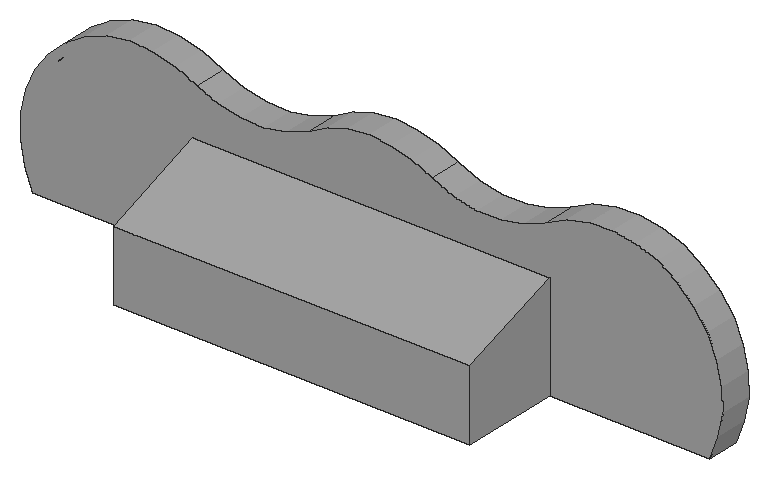
Revit family "AquaWave-Lavatory-3_Station-Willoughby-WAW-2333-DMF", category Plumbing Fixtures, Revit 2015
Parameters (values of type "Standard")
  Waste Connection = yes
  Vent Connection = no
  URL = "https://www.willoughby-ind.com/wp-content/uploads/2018/01/WAW-2333-DMF.pdf"
  Solid Surface Sink = Solid Surface Acrylic Resin-Willoughby
  Revision = "A"
  Model = "WAW-2333-DMF"
  Manufacturer = "Willoughby Industries"
  HW Connection = yes
  Fixture Body = Stainless Steel AISI 304-Willoughby
  Description = "3 Station Aquawave Lavatory"
  DRAIN RAD = DRAIN DIA / 2  # 3/4"
  DRAIN DIA = 1 1/2"
  HW INLET RAD = HW INLET DIA / 2  # 1/4"
  HW INLET DIA = 1/2"
  Default Elevation = 0' - 0"
  Contact Info = "(800) 428-4065"
  CW INLET RAD = CW INLET DIA / 2  # 1/4"
  CW INLET DIA = 1/2"
  CW Connection = yes
Reference planes (in)
  plane 1 "Center (Front/Back)": y = 0
  plane 2: z = 0
  plane 3 "Center (Left/Right)": x = 0
  plane 4: y = 9.5
  plane 5: y = 24
  plane 6: x = 11.25
  plane 7: x = 8
  plane 8: x = 4
  plane 9: x = -11.25
  plane 10: x = -43.2998
  plane 11: x = 43.2998
Forms (in)
  Extrusion 1, solid, material "Solid Surface Acrylic Resin-Willoughby" <- "Solid Surface Sink"
    sketch origin (0, 4.5, 0) x (1, 0, 0) y (0, 0, 1)
      loop
        line (34.5, 0) -> (34.5, 4.88739)
        arc (34.5, 4.88739) -> (34.33004, 5.69421) -> (33.84904, 6.3639) r 2
        arc (33.84904, 6.3639) -> (30.85963, 7.88982) -> (27.51033, 7.67267) r 6.32928
        arc (27.51033, 7.67267) -> (14.89354, 5.62765) -> (2.22764, 7.34234) r 43.44787
        arc (2.22764, 7.34234) -> (0, 7.65875) -> (-2.22764, 7.34234) r 8
        arc (-2.22764, 7.34234) -> (-14.89354, 5.62765) -> (-27.51033, 7.67267) r 43.44787
        arc (-27.51033, 7.67267) -> (-30.85963, 7.88982) -> (-33.84904, 6.3639) r 6.32928
        arc (-33.84904, 6.3639) -> (-34.33004, 5.69421) -> (-34.5, 4.88739) r 2
        line (-34.5, 4.88739) -> (-34.5, 0) -> (34.5, 0)
    from -31 to -29
  Extrusion 2, solid, material "Solid Surface Acrylic Resin-Willoughby" <- "Solid Surface Sink"
    sketch origin (0, 4.5, 0) x (1, 0, 0) y (0, 0, 1)
      loop
        arc (41.65693, 0) -> (38.77276, 17.11916) -> (21.50476, 18.90798) r 14.33677
        arc (21.50476, 18.90798) -> (14.46303, 17.21437) -> (7.42129, 18.90798) r 15.48589
        arc (7.42129, 18.90798) -> (-0.20224, 20.99973) -> (-7.77553, 18.73279) r 14.33677
        arc (-7.77553, 18.73279) -> (-14.66062, 17.21563) -> (-21.50476, 18.90798) r 15.48589
        arc (-21.50476, 18.90798) -> (-38.77276, 17.11916) -> (-41.65693, 0) r 14.33677
        line (-41.65693, 0) -> (41.65693, 0)
    from -29 to -25
  Extrusion 3, void, detail levels fine
    sketch origin (0, 4.5, 0) x (1, 0, 0) y (0, 0, 1)
      loop
        arc (41.80097, 6.00241) -> (37.45343, 16.81559) -> (26.01008, 19.02368) r 12.178
        arc (26.01008, 19.02368) -> (16.39341, 15.9814) -> (6.38086, 17.19992) r 23.7748
        arc (6.38086, 17.19992) -> (-0.09194, 19.00056) -> (-6.54844, 17.14231) r 12.33677
        arc (-6.54844, 17.14231) -> (-16.48162, 15.98976) -> (-26.01008, 19.02368) r 23.7748
        arc (-26.01008, 19.02368) -> (-37.45343, 16.81559) -> (-41.80097, 6.00241) r 12.178
        arc (-41.80097, 6.00241) -> (-39.40794, 3.05577) -> (-35.61219, 3.09524) r 4.36755
        arc (-35.61219, 3.09524) -> (-34.80064, 3.83279) -> (-34.5, 4.88739) r 2
        arc (-34.5, 4.88739) -> (-34.33004, 5.69421) -> (-33.84904, 6.3639) r 2
        arc (-33.84904, 6.3639) -> (-30.85963, 7.88982) -> (-27.51033, 7.67267) r 6.32928
        arc (-27.51033, 7.67267) -> (-14.89354, 5.62765) -> (-2.22764, 7.34234) r 43.44787
        arc (-2.22764, 7.34234) -> (0, 7.65875) -> (2.22764, 7.34234) r 8
        arc (2.22764, 7.34234) -> (14.89354, 5.62765) -> (27.51033, 7.67267) r 43.44787
        arc (27.51033, 7.67267) -> (30.85963, 7.88982) -> (33.84904, 6.3639) r 6.32928
        arc (33.84904, 6.3639) -> (34.33004, 5.69421) -> (34.5, 4.88739) r 2
        arc (34.5, 4.88739) -> (34.80064, 3.83279) -> (35.61219, 3.09524) r 2
        arc (35.61219, 3.09524) -> (39.40794, 3.05577) -> (41.80097, 6.00241) r 4.36755
    from -29 to -25.8795
  Extrusion 4, solid, material "Solid Surface Acrylic Resin-Willoughby" <- "Solid Surface Sink"
    sketch origin (0, 0, 0) x (0, 1, 0) y (0, 0, 1)
      loop
        line (29.5, 0) -> (29.5, 13) -> (17.25, 8.625) -> (17.25, 0) -> (29.5, 0)
    from -21.9375 to 21.9375
  Extrusion 5, solid, detail levels fine
    sketch origin (0, 0, 0) x (1, 0, 0) y (0, 1, 0)
      loop
        circle (11.25, 24) r 0.75
    from 0 to 1.4492
  Extrusion 6, solid, detail levels fine
    sketch origin (-22.5, 0, 0) x (1, 0, 0) y (0, 1, 0)
      loop
        circle (11.25, 24) r 0.75
    from 0 to 1.4492
  Extrusion 7, solid, detail levels fine
    sketch origin (-3.25, 0, 0) x (1, 0, 0) y (0, 1, 0)
      loop
        circle (11.25, 24) r 0.25
    from 0 to 1.4492
  Extrusion 8, solid, detail levels fine
    sketch origin (-7.25, 0, 0) x (1, 0, 0) y (0, 1, 0)
      loop
        circle (11.25, 24) r 0.25
    from 0 to 1.4492
  Extrusion 9, void, detail levels fine
    sketch origin (0, 30.3795, 0) x (1, 0, 0) y (0, 0, 1)
      loop
        circle (11.25, 9.4375) r 1.75
      loop
        circle (-11.25, 9.5) r 1.75
    from 0 to 0.01562
Cuts and joins
  Extrusion 9 cuts Extrusion 1
  Extrusion 3, Extrusion 9 cuts Extrusion 2
  Extrusion 9 cuts Extrusion 4
  joined: Extrusion 1, Extrusion 2, Extrusion 4
Lines and regions (in)
  symbolic lines
    curve 1: line (43.2998, 29.5, 0) -> (-43.2998, 29.5, 0)
    curve 2: line (-43.2998, 29.5, 0) -> (-43.2998, 33.5, 0)
    curve 3: line (-43.2998, 33.5, 0) -> (43.2998, 33.5, 0)
    curve 4: line (43.2998, 33.5, 0) -> (43.2998, 29.5, 0)
    curve 5: line (20.6875, 29.5, 0) -> (20.6875, 9.5, 0)
    curve 6: line (20.6875, 9.5, 0) -> (-20.6875, 9.5, 0)
    curve 7: line (-20.6875, 9.5, 0) -> (-20.6875, 29.5, 0)
    curve 8: line (-34.5, 33.5, 0) -> (-34.5, 35.5, 0)
    curve 10: arc (41.65693, 0, 0) -> (38.77276, 0, 17.11916) -> (21.50476, 0, 18.90798) r 14.33677
    curve 11: arc (21.50476, 0, 18.90798) -> (14.46303, 0, 17.21437) -> (7.42129, 0, 18.90798) r 15.48589
    curve 12: arc (7.42129, 0, 18.90798) -> (-0.03697, 0, 21.00069) -> (-7.49524, 0, 18.90798) r 14.33677
    curve 13: arc (-7.49524, 0, 18.90798) -> (-14.5, 0, 17.21969) -> (-21.50476, 0, 18.90798) r 15.37559
    curve 14: arc (-21.50476, 0, 18.90798) -> (-38.77276, 0, 17.11916) -> (-41.65693, 0, 0) r 14.33677
    curve 15: line (-41.65693, 0, 0) -> (41.65693, 0, 0)
    curve 32: line (0, 33.5, 0) -> (0, 33.5, 21.00069)
    curve 33: line (0, 33.5, 21.00069) -> (0, 29.5, 21.00069)
    curve 34: line (0, 29.5, 21.00069) -> (0, 29.5, 0)
    curve 35: line (0, 29.5, 12.25) -> (0, 9.5, 9.4375)
    curve 36: line (0, 9.5, 9.4375) -> (0, 9.5, 0)
    curve 37: line (0, 9.5, 0) -> (0, 38.5, 0)
    curve 38: line (0, 35.5, 8.02056) -> (0, 33.5, 8.02056)
  symbolic lines, detail levels medium+fine
    curve 9: line (34.5, 35.5, 0) -> (-34.5, 35.5, 0)
    curve 16: line (34.5, 0, 0) -> (34.5, 0, 5.625)
    curve 17: line (-34.5, 0, 0) -> (-34.5, 0, 4.88739)
    curve 18: arc (-34.5, 0, 4.88739) -> (-32.29694, 0, 10.1097) -> (-26.67118, 0, 10.80031) r 5.65698
    curve 19: arc (-26.67118, 0, 10.80031) -> (-14.78765, 0, 8.37546) -> (-2.90412, 0, 10.80031) r 30.33139
    curve 20: arc (-2.90412, 0, 10.80031) -> (0, 0, 11.3929) -> (2.90412, 0, 10.80031) r 7.41244
    curve 21: arc (2.90412, 0, 10.80031) -> (14.78765, 0, 8.37546) -> (26.67118, 0, 10.80031) r 30.33139
    curve 22: arc (26.67118, 0, 10.80031) -> (31.97695, 0, 10.31739) -> (34.5, 0, 5.625) r 5.625
  symbolic lines, detail levels fine
    curve 23: arc (34.5, 0, 4.88739) -> (34.80064, 0, 3.83279) -> (35.61219, 0, 3.09524) r 2
    curve 24: arc (35.61219, 0, 3.09524) -> (39.40794, 0, 3.05577) -> (41.80097, 0, 6.00241) r 4.36755
    curve 25: arc (41.80097, 0, 6.00241) -> (37.45343, 0, 16.81559) -> (26.01008, 0, 19.02368) r 12.178
    curve 26: arc (26.01008, 0, 19.02368) -> (16.39341, 0, 15.9814) -> (6.38086, 0, 17.19992) r 23.7748
    curve 27: arc (6.38086, 0, 17.19992) -> (0, 0, 19.01851) -> (-6.38086, 0, 17.19992) r 12.10351
    curve 28: arc (-6.38086, 0, 17.19992) -> (-16.39341, 0, 15.9814) -> (-26.01008, 0, 19.02368) r 23.7748
    curve 29: arc (-26.01008, 0, 19.02368) -> (-37.45343, 0, 16.81559) -> (-41.80097, 0, 6.00241) r 12.178
    curve 30: arc (-41.80097, 0, 6.00241) -> (-39.40794, 0, 3.05577) -> (-35.61219, 0, 3.09524) r 4.36755
    curve 31: arc (-35.61219, 0, 3.09524) -> (-34.80388, 0, 3.82758) -> (-34.5, 0, 4.87512) r 2.00007
Dimensions and locks (in)
  locked: plane 4 to plane 1 "Center (Front/Back)" at 9.5
  Extrusion 4 to Extrusion 4 = 3' - 7 7/8"
  locked: plane 1 "Center (Front/Back)" to plane 5 at 24
  plane 1 "Center (Front/Back)" to cut or joined group of Extrusion 1, Extrusion 2, Extrusion 3, Extrusion 4, Extrusion 9 = 2' - 9 1/2"
  locked: cut or joined group of Extrusion 1, Extrusion 2, Extrusion 3, Extrusion 4, Extrusion 9 to cut or joined group of Extrusion 1, Extrusion 2, Extrusion 3, Extrusion 4, Extrusion 9 at 4
  locked: cut or joined group of Extrusion 1, Extrusion 2, Extrusion 3, Extrusion 4, Extrusion 9 to plane 4 at 20
  cut or joined group of Extrusion 1, Extrusion 2, Extrusion 3, Extrusion 4, Extrusion 9 to cut or joined group of Extrusion 1, Extrusion 2, Extrusion 3, Extrusion 4, Extrusion 9 = 3' - 7 7/8"
  plane 10 to plane 11 = 7' - 2.5996"
  aligned and locked: Extrusion 2 to level
Connectors (in)
  piping at (4, 24, 0), diameter 0.5, driven by "HW INLET RAD", driven by "HW Connection"
    settings: on Extrusion 8, index 1, connector inside diameter 1/2", connector length 0' - 0", flow factor 0, pipe flow 0 GPM, pressure drop 0.00 psi, fitting loss kfactor 0, connector angle 0.00°, fixture units 0, engagement length 0' - 0", angle of deflection 0.00°, flow configuration 0, flow direction 1, fitting loss method 0, system type 19, joint type 0, gender type 0, connector reference index -1, connector utility 1, adjustable connector no, is connector primary yes, connector description "Lav HW Supply"
  piping at (8, 24, 0), diameter 0.5, driven by "CW INLET RAD", driven by "CW Connection"
    settings: on Extrusion 7, index 2, connector inside diameter 1/2", connector length 0' - 0", flow factor 0, pipe flow 0 GPM, pressure drop 0.00 psi, fitting loss kfactor 0, connector angle 0.00°, fixture units 0, engagement length 0' - 0", angle of deflection 0.00°, flow configuration 0, flow direction 1, fitting loss method 0, system type 20, joint type 0, gender type 0, connector reference index -1, connector utility 1, adjustable connector no, is connector primary no, connector description "Lav CW Supply"
  piping at (-11.25, 24, 0), diameter 1.5, driven by "DRAIN RAD", driven by "Waste Connection"
    settings: on Extrusion 6, index 3, connector inside diameter 1 1/2", connector length 0' - 0", flow factor 0, pipe flow 0 GPM, pressure drop 0.00 psi, fitting loss kfactor 0, connector angle 0.00°, fixture units 0, engagement length 0' - 0", angle of deflection 0.00°, flow configuration 0, flow direction 2, fitting loss method 0, system type 16, joint type 0, gender type 0, connector reference index -1, connector utility 1, adjustable connector yes, is connector primary no, connector description "Sink Waste"
  piping at (11.25, 24, 0), diameter 1.5, driven by "DRAIN RAD", driven by "Waste Connection"
    settings: on Extrusion 5, index 4, connector inside diameter 1 1/2", connector length 0' - 0", flow factor 0, pipe flow 0 GPM, pressure drop 0.00 psi, fitting loss kfactor 0, connector angle 0.00°, fixture units 0, engagement length 0' - 0", angle of deflection 0.00°, flow configuration 0, flow direction 2, fitting loss method 0, system type 16, joint type 0, gender type 0, connector reference index -1, connector utility 1, adjustable connector yes, is connector primary no, connector description "Sink Waste"
